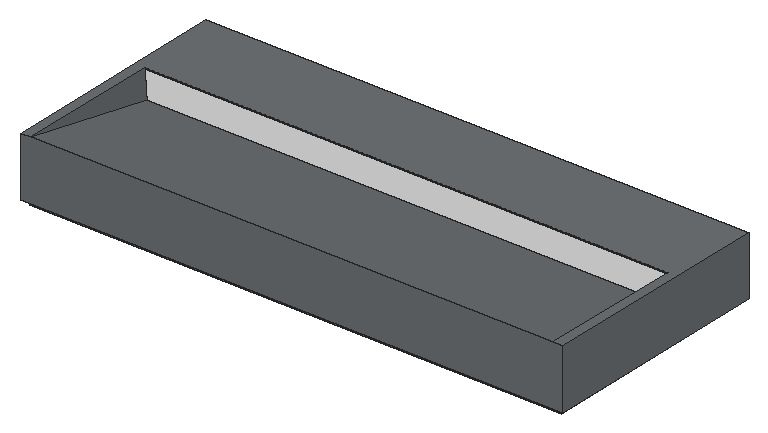
Revit family "Thorn AXYL STRIDE", category Lighting Fixtures, host Face, Revit 2023
Family settings
  Host = Face
  Round Connector Dimension = Use Diameter
  Part Type = Normal
  Cut with Voids When Loaded = Yes
  Light Source = Yes
  Maintain Annotation Orientation = No
  Shared = No
  Room Calculation Point = Yes
Parameters (values of type "AXYL STRIDE L SE 28L 927 A/S HF ANT")
  Wattage = 13.1 W
  built-in parameter 1150110 = 1 (stored number, unit not read)
  URL = "https://www.thornlighting.com/96700536"
  Type Image = TLG_AXYL_F_STRIDE_LARGE_ANT.jpg
  Type IFC Predefined Type = "DIRECTIONSOURCE"
  built-in parameter 1114217 = 1 (stored number, unit not read)
  Tilt Angle = -90.00°  # constant formula
  built-in parameter 1150109 = 1 (stored number, unit not read)
  built-in parameter 1150134 = 12
  built-in parameter 1150113 = 1 (stored number, unit not read)
  Housing Medium = no
  Housing Large = yes
  Power Factor = 0.8
  Photometric Web File = "96700536_(STD).IES"
  Model = "96700536"
  Material Housing = Thorn-Aluminium-RAL 7016-Anthracite Grey
  Manufacturer = "Thorn Lighting"  # constant formula
  built-in parameter 1150105 = 79.577 (stored number, unit not read)
  Lumens = 399 lm
  Luminaire Width = if(Housing Medium, 200 mm, if(Housing Large, 270 mm, 200 mm))  # 270 mm
  Luminaire Length = if(Housing Medium, 200 mm, if(Housing Large, 115 mm, 200 mm))  # 115 mm
  Luminaire Height = if(Housing Medium, 30 mm, if(Housing Large, 32 mm, 30 mm))  # 32 mm
  built-in parameter 1150115 = 1 (stored number, unit not read)
  built-in parameter 1150137 = (empty or 0)
  built-in parameter 1150139 = (empty or 0)
  built-in parameter 1150112 = 1 (stored number, unit not read)
  built-in parameter 1150114 = 1 (stored number, unit not read)
  Lamp = "LED"  # constant formula
  built-in parameter 1150132 = 2
  built-in parameter 1150102 = (empty or 0)
  built-in parameter 1150107 = 2700 (stored number, unit not read)
  built-in parameter 1150138 = (empty or 0)
  built-in parameter 1150106 = 0.79577 (stored number, unit not read)
  Export Type to IFC As = "IfcLightFixtureType"
  Emit from Rectangle Width = Luminaire Width - 10 mm  # 260 mm
  Emit from Rectangle Length = 20 mm  # constant formula
  Emit Shape Visible in Rendering = 0 > 1  # no
  built-in parameter 1150104 = 2.7871 (stored number, unit not read)
  Dimming Lamp Color Temperature Shift = (empty or 0)
  Description = "Wall Mounted Architecural LED Luminaire"  # constant formula
  Default Elevation = 1000 mm  # constant formula
  Color Filter = 16777215
  built-in parameter 1114218 = 1 (stored number, unit not read)
  built-in parameter 1150133 = 10 (stored number, unit not read)
  Assembly Code = "PR_70_70_48_85"
  Apparent Load = Wattage / Power Factor  # 16.375 VA
Types (48, lengths in mm): name | Wattage | URL | Type Image | Housing Medium | Housing Large | Power Factor | Photometric Web File | Model | Material Housing | Lumens | Luminaire Width | Luminaire Length | Luminaire Height | built-in parameter 1150107 | Emit from Rectangle Width | built-in parameter 1150104 | Apparent Load
  AXYL STRIDE L SE 28L 927 A/S HF ANT | 13.1 W | "https://www.thornlighting.com/96700536" | TLG_AXYL_F_STRIDE_LARGE_ANT.jpg | no | yes | 0.8 | "96700536_(STD).IES" | "96700536" | Thorn-Aluminium-RAL 7016-Anthracite Grey | 399 lm | 270 | 115 | 32 | 2700 (stored number, unit not read) | 260 | 2.7871 (stored number, unit not read) | 16.375 VA
  AXYL STRIDE L SE 28L 927 A/S HF BK | 13.1 W | "https://www.thornlighting.com/96700534" | TLG_AXYL_F_STRIDE_LARGE_BK.jpg | no | yes | 0.8 | "96700534_(STD).IES" | "96700534" | Thorn-Aluminium-RAL 9005-Jet Black | 399 lm | 270 | 115 | 32 | 2700 (stored number, unit not read) | 260 | 2.7871 (stored number, unit not read) | 16.375 VA
  AXYL STRIDE L SE 28L 927 A/S HF GY | 13.1 W | "https://www.thornlighting.com/96700535" | TLG_AXYL_F_STRIDE_LARGE_GY.jpg | no | yes | 0.8 | "96700535_(STD).IES" | "96700535" | Thorn-Aluminium-RAL 9006-White Aluminium | 399 lm | 270 | 115 | 32 | 2700 (stored number, unit not read) | 260 | 2.7871 (stored number, unit not read) | 16.375 VA
  AXYL STRIDE L SE 28L 927 A/S HF WH | 13.1 W | "https://www.thornlighting.com/96700533" | TLG_AXYL_F_STRIDE_LARGE_WH.jpg | no | yes | 0.8 | "96700533_(STD).IES" | "96700533" | Thorn-Aluminium-RAL 9016-Traffic White | 399 lm | 270 | 115 | 32 | 2700 (stored number, unit not read) | 260 | 2.7871 (stored number, unit not read) | 16.375 VA
  AXYL STRIDE L SE 28L 927 A/S RD ANT | 13.1 W | "https://www.thornlighting.com/96701575" | TLG_AXYL_F_STRIDE_LARGE_ANT.jpg | no | yes | 0.8 | "96701575_(STD).IES" | "96701575" | Thorn-Aluminium-RAL 7016-Anthracite Grey | 399 lm | 270 | 115 | 32 | 2700 (stored number, unit not read) | 260 | 2.7871 (stored number, unit not read) | 16.375 VA
  AXYL STRIDE L SE 28L 927 A/S RD BK | 13.1 W | "https://www.thornlighting.com/96701573" | TLG_AXYL_F_STRIDE_LARGE_BK.jpg | no | yes | 0.8 | "96701573_(STD).IES" | "96701573" | Thorn-Aluminium-RAL 9005-Jet Black | 399 lm | 270 | 115 | 32 | 2700 (stored number, unit not read) | 260 | 2.7871 (stored number, unit not read) | 16.375 VA
  AXYL STRIDE L SE 28L 927 A/S RD GY | 13.1 W | "https://www.thornlighting.com/96701574" | TLG_AXYL_F_STRIDE_LARGE_GY.jpg | no | yes | 0.8 | "96701574_(STD).IES" | "96701574" | Thorn-Aluminium-RAL 9006-White Aluminium | 399 lm | 270 | 115 | 32 | 2700 (stored number, unit not read) | 260 | 2.7871 (stored number, unit not read) | 16.375 VA
  AXYL STRIDE L SE 28L 927 A/S RD WH | 13.1 W | "https://www.thornlighting.com/96701572" | TLG_AXYL_F_STRIDE_LARGE_WH.jpg | no | yes | 0.8 | "96701572_(STD).IES" | "96701572" | Thorn-Aluminium-RAL 9016-Traffic White | 399 lm | 270 | 115 | 32 | 2700 (stored number, unit not read) | 260 | 2.7871 (stored number, unit not read) | 16.375 VA
  AXYL STRIDE L SE 28L 930 A/S HF ANT | 13.1 W | "https://www.thornlighting.com/96700544" | TLG_AXYL_F_STRIDE_LARGE_ANT.jpg | no | yes | 0.8 | "96700544_(STD).IES" | "96700544" | Thorn-Aluminium-RAL 7016-Anthracite Grey | 421 lm | 270 | 115 | 32 | 3000 (stored number, unit not read) | 260 | 2.9729 (stored number, unit not read) | 16.375 VA
  AXYL STRIDE L SE 28L 930 A/S HF BK | 13.1 W | "https://www.thornlighting.com/96700542" | TLG_AXYL_F_STRIDE_LARGE_BK.jpg | no | yes | 0.8 | "96700542_(STD).IES" | "96700542" | Thorn-Aluminium-RAL 9005-Jet Black | 421 lm | 270 | 115 | 32 | 3000 (stored number, unit not read) | 260 | 2.9729 (stored number, unit not read) | 16.375 VA
  AXYL STRIDE L SE 28L 930 A/S HF GY | 13.1 W | "https://www.thornlighting.com/96700543" | TLG_AXYL_F_STRIDE_LARGE_GY.jpg | no | yes | 0.8 | "96700543_(STD).IES" | "96700543" | Thorn-Aluminium-RAL 9006-White Aluminium | 421 lm | 270 | 115 | 32 | 3000 (stored number, unit not read) | 260 | 2.9729 (stored number, unit not read) | 16.375 VA
  AXYL STRIDE L SE 28L 930 A/S HF WH | 13.1 W | "https://www.thornlighting.com/96700541" | TLG_AXYL_F_STRIDE_LARGE_WH.jpg | no | yes | 0.8 | "96700541_(STD).IES" | "96700541" | Thorn-Aluminium-RAL 9016-Traffic White | 421 lm | 270 | 115 | 32 | 3000 (stored number, unit not read) | 260 | 2.9729 (stored number, unit not read) | 16.375 VA
  AXYL STRIDE L SE 28L 930 A/S RD ANT | 13.1 W | "https://www.thornlighting.com/96701583" | TLG_AXYL_F_STRIDE_LARGE_ANT.jpg | no | yes | 0.8 | "96701583_(STD).IES" | "96701583" | Thorn-Aluminium-RAL 7016-Anthracite Grey | 421 lm | 270 | 115 | 32 | 3000 (stored number, unit not read) | 260 | 2.9729 (stored number, unit not read) | 16.375 VA
  AXYL STRIDE L SE 28L 930 A/S RD BK | 13.1 W | "https://www.thornlighting.com/96701581" | TLG_AXYL_F_STRIDE_LARGE_BK.jpg | no | yes | 0.8 | "96701581_(STD).IES" | "96701581" | Thorn-Aluminium-RAL 9005-Jet Black | 421 lm | 270 | 115 | 32 | 3000 (stored number, unit not read) | 260 | 2.9729 (stored number, unit not read) | 16.375 VA
  AXYL STRIDE L SE 28L 930 A/S RD GY | 13.1 W | "https://www.thornlighting.com/96701582" | TLG_AXYL_F_STRIDE_LARGE_GY.jpg | no | yes | 0.8 | "96701582_(STD).IES" | "96701582" | Thorn-Aluminium-RAL 9006-White Aluminium | 421 lm | 270 | 115 | 32 | 3000 (stored number, unit not read) | 260 | 2.9729 (stored number, unit not read) | 16.375 VA
  AXYL STRIDE L SE 28L 930 A/S RD WH | 13.1 W | "https://www.thornlighting.com/96701580" | TLG_AXYL_F_STRIDE_LARGE_WH.jpg | no | yes | 0.8 | "96701580_(STD).IES" | "96701580" | Thorn-Aluminium-RAL 9016-Traffic White | 421 lm | 270 | 115 | 32 | 3000 (stored number, unit not read) | 260 | 2.9729 (stored number, unit not read) | 16.375 VA
  AXYL STRIDE L SE 28L 940 A/S HF ANT | 13.1 W | "https://www.thornlighting.com/96700540" | TLG_AXYL_F_STRIDE_LARGE_ANT.jpg | no | yes | 0.8 | "96700540_(STD).IES" | "96700540" | Thorn-Aluminium-RAL 7016-Anthracite Grey | 423 lm | 270 | 115 | 32 | 4000 (stored number, unit not read) | 260 | 2.9729 (stored number, unit not read) | 16.375 VA
  AXYL STRIDE L SE 28L 940 A/S HF BK | 13.1 W | "https://www.thornlighting.com/96700538" | TLG_AXYL_F_STRIDE_LARGE_BK.jpg | no | yes | 0.8 | "96700538_(STD).IES" | "96700538" | Thorn-Aluminium-RAL 9005-Jet Black | 423 lm | 270 | 115 | 32 | 4000 (stored number, unit not read) | 260 | 2.9729 (stored number, unit not read) | 16.375 VA
  AXYL STRIDE L SE 28L 940 A/S HF GY | 13.1 W | "https://www.thornlighting.com/96700539" | TLG_AXYL_F_STRIDE_LARGE_GY.jpg | no | yes | 0.8 | "96700539_(STD).IES" | "96700539" | Thorn-Aluminium-RAL 9006-White Aluminium | 423 lm | 270 | 115 | 32 | 4000 (stored number, unit not read) | 260 | 2.9729 (stored number, unit not read) | 16.375 VA
  AXYL STRIDE L SE 28L 940 A/S HF WH | 13.1 W | "https://www.thornlighting.com/96700537" | TLG_AXYL_F_STRIDE_LARGE_WH.jpg | no | yes | 0.8 | "96700537_(STD).IES" | "96700537" | Thorn-Aluminium-RAL 9016-Traffic White | 423 lm | 270 | 115 | 32 | 4000 (stored number, unit not read) | 260 | 2.9729 (stored number, unit not read) | 16.375 VA
  AXYL STRIDE L SE 28L 940 A/S RD ANT | 13.1 W | "https://www.thornlighting.com/96701579" | TLG_AXYL_F_STRIDE_LARGE_ANT.jpg | no | yes | 0.8 | "96701579_(STD).IES" | "96701579" | Thorn-Aluminium-RAL 7016-Anthracite Grey | 423 lm | 270 | 115 | 32 | 4000 (stored number, unit not read) | 260 | 2.9729 (stored number, unit not read) | 16.375 VA
  AXYL STRIDE L SE 28L 940 A/S RD BK | 13.1 W | "https://www.thornlighting.com/96701577" | TLG_AXYL_F_STRIDE_LARGE_BK.jpg | no | yes | 0.8 | "96701577_(STD).IES" | "96701577" | Thorn-Aluminium-RAL 9005-Jet Black | 423 lm | 270 | 115 | 32 | 4000 (stored number, unit not read) | 260 | 2.9729 (stored number, unit not read) | 16.375 VA
  AXYL STRIDE L SE 28L 940 A/S RD GY | 13.1 W | "https://www.thornlighting.com/96701578" | TLG_AXYL_F_STRIDE_LARGE_GY.jpg | no | yes | 0.8 | "96701578_(STD).IES" | "96701578" | Thorn-Aluminium-RAL 9006-White Aluminium | 423 lm | 270 | 115 | 32 | 4000 (stored number, unit not read) | 260 | 2.9729 (stored number, unit not read) | 16.375 VA
  AXYL STRIDE L SE 28L 940 A/S RD WH | 13.1 W | "https://www.thornlighting.com/96701576" | TLG_AXYL_F_STRIDE_LARGE_WH.jpg | no | yes | 0.8 | "96701576_(STD).IES" | "96701576" | Thorn-Aluminium-RAL 9016-Traffic White | 423 lm | 270 | 115 | 32 | 4000 (stored number, unit not read) | 260 | 2.9729 (stored number, unit not read) | 16.375 VA
  AXYL STRIDE M SE 28L 927 A/S HF ANT | 10.1 W | "https://www.thornlighting.com/96700549" | TLG_AXYL_F_STRIDE_MED_ANT.jpg | yes | no | 0.84 | "96700549_(STD).IES" | "96700549" | Thorn-Aluminium-RAL 7016-Anthracite Grey | 362 lm | 200 | 200 | 30 | 2700 (stored number, unit not read) | 190 | 3.3445 (stored number, unit not read) | 12.0238 VA
  AXYL STRIDE M SE 28L 927 A/S HF BK | 10.1 W | "https://www.thornlighting.com/96700547" | TLG_AXYL_F_STRIDE_MED_BK.jpg | yes | no | 0.84 | "96700547_(STD).IES" | "96700547" | Thorn-Aluminium-RAL 9005-Jet Black | 362 lm | 200 | 200 | 30 | 2700 (stored number, unit not read) | 190 | 3.3445 (stored number, unit not read) | 12.0238 VA
  AXYL STRIDE M SE 28L 927 A/S HF GY | 10.1 W | "https://www.thornlighting.com/96700548" | TLG_AXYL_F_STRIDE_MED_GY.jpg | yes | no | 0.84 | "96700548_(STD).IES" | "96700548" | Thorn-Aluminium-RAL 9006-White Aluminium | 362 lm | 200 | 200 | 30 | 2700 (stored number, unit not read) | 190 | 3.3445 (stored number, unit not read) | 12.0238 VA
  AXYL STRIDE M SE 28L 927 A/S HF WH | 10.1 W | "https://www.thornlighting.com/96700546" | TLG_AXYL_F_STRIDE_MED_WH.jpg | yes | no | 0.84 | "96700546_(STD).IES" | "96700546" | Thorn-Aluminium-RAL 9016-Traffic White | 362 lm | 200 | 200 | 30 | 2700 (stored number, unit not read) | 190 | 3.3445 (stored number, unit not read) | 12.0238 VA
  AXYL STRIDE M SE 28L 927 A/S RD ANT | 10.1 W | "https://www.thornlighting.com/96701587" | TLG_AXYL_F_STRIDE_MED_ANT.jpg | yes | no | 0.84 | "96701587_(STD).IES" | "96701587" | Thorn-Aluminium-RAL 7016-Anthracite Grey | 362 lm | 200 | 200 | 30 | 2700 (stored number, unit not read) | 190 | 3.3445 (stored number, unit not read) | 12.0238 VA
  AXYL STRIDE M SE 28L 927 A/S RD BK | 10.1 W | "https://www.thornlighting.com/96701585" | TLG_AXYL_F_STRIDE_MED_BK.jpg | yes | no | 0.84 | "96701585_(STD).IES" | "96701585" | Thorn-Aluminium-RAL 9005-Jet Black | 362 lm | 200 | 200 | 30 | 2700 (stored number, unit not read) | 190 | 3.3445 (stored number, unit not read) | 12.0238 VA
  AXYL STRIDE M SE 28L 927 A/S RD GY | 10.1 W | "https://www.thornlighting.com/96701586" | TLG_AXYL_F_STRIDE_MED_GY.jpg | yes | no | 0.84 | "96701586_(STD).IES" | "96701586" | Thorn-Aluminium-RAL 9006-White Aluminium | 362 lm | 200 | 200 | 30 | 2700 (stored number, unit not read) | 190 | 3.3445 (stored number, unit not read) | 12.0238 VA
  AXYL STRIDE M SE 28L 927 A/S RD WH | 10.1 W | "https://www.thornlighting.com/96701584" | TLG_AXYL_F_STRIDE_MED_WH.jpg | yes | no | 0.84 | "96701584_(STD).IES" | "96701584" | Thorn-Aluminium-RAL 9016-Traffic White | 362 lm | 200 | 200 | 30 | 2700 (stored number, unit not read) | 190 | 3.3445 (stored number, unit not read) | 12.0238 VA
  AXYL STRIDE M SE 28L 930 A/S HF ANT | 10.1 W | "https://www.thornlighting.com/96700557" | TLG_AXYL_F_STRIDE_MED_ANT.jpg | yes | no | 0.84 | "96700557_(STD).IES" | "96700557" | Thorn-Aluminium-RAL 7016-Anthracite Grey | 382 lm | 200 | 200 | 30 | 3000 (stored number, unit not read) | 190 | 3.5303 (stored number, unit not read) | 12.0238 VA
  AXYL STRIDE M SE 28L 930 A/S HF BK | 10.1 W | "https://www.thornlighting.com/96700555" | TLG_AXYL_F_STRIDE_MED_BK.jpg | yes | no | 0.84 | "96700555_(STD).IES" | "96700555" | Thorn-Aluminium-RAL 9005-Jet Black | 382 lm | 200 | 200 | 30 | 3000 (stored number, unit not read) | 190 | 3.5303 (stored number, unit not read) | 12.0238 VA
  AXYL STRIDE M SE 28L 930 A/S HF GY | 10.1 W | "https://www.thornlighting.com/96700556" | TLG_AXYL_F_STRIDE_MED_GY.jpg | yes | no | 0.84 | "96700556_(STD).IES" | "96700556" | Thorn-Aluminium-RAL 9006-White Aluminium | 382 lm | 200 | 200 | 30 | 3000 (stored number, unit not read) | 190 | 3.5303 (stored number, unit not read) | 12.0238 VA
  AXYL STRIDE M SE 28L 930 A/S HF WH | 10.1 W | "https://www.thornlighting.com/96700554" | TLG_AXYL_F_STRIDE_MED_WH.jpg | yes | no | 0.84 | "96700554_(STD).IES" | "96700554" | Thorn-Aluminium-RAL 9016-Traffic White | 382 lm | 200 | 200 | 30 | 3000 (stored number, unit not read) | 190 | 3.5303 (stored number, unit not read) | 12.0238 VA
  AXYL STRIDE M SE 28L 930 A/S RD ANT | 10.1 W | "https://www.thornlighting.com/96701595" | TLG_AXYL_F_STRIDE_MED_ANT.jpg | yes | no | 0.84 | "96701595_(STD).IES" | "96701595" | Thorn-Aluminium-RAL 7016-Anthracite Grey | 382 lm | 200 | 200 | 30 | 3000 (stored number, unit not read) | 190 | 3.5303 (stored number, unit not read) | 12.0238 VA
  AXYL STRIDE M SE 28L 930 A/S RD BK | 10.1 W | "https://www.thornlighting.com/96701593" | TLG_AXYL_F_STRIDE_MED_BK.jpg | yes | no | 0.84 | "96701593_(STD).IES" | "96701593" | Thorn-Aluminium-RAL 9005-Jet Black | 382 lm | 200 | 200 | 30 | 3000 (stored number, unit not read) | 190 | 3.5303 (stored number, unit not read) | 12.0238 VA
  AXYL STRIDE M SE 28L 930 A/S RD GY | 10.1 W | "https://www.thornlighting.com/96701594" | TLG_AXYL_F_STRIDE_MED_GY.jpg | yes | no | 0.84 | "96701594_(STD).IES" | "96701594" | Thorn-Aluminium-RAL 9006-White Aluminium | 382 lm | 200 | 200 | 30 | 3000 (stored number, unit not read) | 190 | 3.5303 (stored number, unit not read) | 12.0238 VA
  AXYL STRIDE M SE 28L 930 A/S RD WH | 10.1 W | "https://www.thornlighting.com/96701592" | TLG_AXYL_F_STRIDE_MED_WH.jpg | yes | no | 0.84 | "96701592_(STD).IES" | "96701592" | Thorn-Aluminium-RAL 9016-Traffic White | 382 lm | 200 | 200 | 30 | 3000 (stored number, unit not read) | 190 | 3.5303 (stored number, unit not read) | 12.0238 VA
  AXYL STRIDE M SE 28L 940 A/S HF ANT | 10.1 W | "https://www.thornlighting.com/96700553" | TLG_AXYL_F_STRIDE_MED_ANT.jpg | yes | no | 0.84 | "96700553_(STD).IES" | "96700553" | Thorn-Aluminium-RAL 7016-Anthracite Grey | 401 lm | 200 | 200 | 30 | 4000 (stored number, unit not read) | 190 | 3.7161 (stored number, unit not read) | 12.0238 VA
  AXYL STRIDE M SE 28L 940 A/S HF BK | 10.1 W | "https://www.thornlighting.com/96700551" | TLG_AXYL_F_STRIDE_MED_BK.jpg | yes | no | 0.84 | "96700551_(STD).IES" | "96700551" | Thorn-Aluminium-RAL 9005-Jet Black | 401 lm | 200 | 200 | 30 | 4000 (stored number, unit not read) | 190 | 3.7161 (stored number, unit not read) | 12.0238 VA
  AXYL STRIDE M SE 28L 940 A/S HF GY | 10.1 W | "https://www.thornlighting.com/96700552" | TLG_AXYL_F_STRIDE_MED_GY.jpg | yes | no | 0.84 | "96700552_(STD).IES" | "96700552" | Thorn-Aluminium-RAL 9006-White Aluminium | 401 lm | 200 | 200 | 30 | 4000 (stored number, unit not read) | 190 | 3.7161 (stored number, unit not read) | 12.0238 VA
  AXYL STRIDE M SE 28L 940 A/S HF WH | 10.1 W | "https://www.thornlighting.com/96700550" | TLG_AXYL_F_STRIDE_MED_WH.jpg | yes | no | 0.84 | "96700550_(STD).IES" | "96700550" | Thorn-Aluminium-RAL 9016-Traffic White | 401 lm | 200 | 200 | 30 | 4000 (stored number, unit not read) | 190 | 3.7161 (stored number, unit not read) | 12.0238 VA
  AXYL STRIDE M SE 28L 940 A/S RD ANT | 10.1 W | "https://www.thornlighting.com/96701591" | TLG_AXYL_F_STRIDE_MED_ANT.jpg | yes | no | 0.84 | "96701591_(STD).IES" | "96701591" | Thorn-Aluminium-RAL 7016-Anthracite Grey | 401 lm | 200 | 200 | 30 | 4000 (stored number, unit not read) | 190 | 3.7161 (stored number, unit not read) | 12.0238 VA
  AXYL STRIDE M SE 28L 940 A/S RD BK | 10.1 W | "https://www.thornlighting.com/96701589" | TLG_AXYL_F_STRIDE_MED_BK.jpg | yes | no | 0.84 | "96701589_(STD).IES" | "96701589" | Thorn-Aluminium-RAL 9005-Jet Black | 401 lm | 200 | 200 | 30 | 4000 (stored number, unit not read) | 190 | 3.7161 (stored number, unit not read) | 12.0238 VA
  AXYL STRIDE M SE 28L 940 A/S RD GY | 10.1 W | "https://www.thornlighting.com/96701590" | TLG_AXYL_F_STRIDE_MED_GY.jpg | yes | no | 0.84 | "96701590_(STD).IES" | "96701590" | Thorn-Aluminium-RAL 9006-White Aluminium | 401 lm | 200 | 200 | 30 | 4000 (stored number, unit not read) | 190 | 3.7161 (stored number, unit not read) | 12.0238 VA
  AXYL STRIDE M SE 28L 940 A/S RD WH | 10.1 W | "https://www.thornlighting.com/96701588" | TLG_AXYL_F_STRIDE_MED_WH.jpg | yes | no | 0.84 | "96701588_(STD).IES" | "96701588" | Thorn-Aluminium-RAL 9016-Traffic White | 401 lm | 200 | 200 | 30 | 4000 (stored number, unit not read) | 190 | 3.7161 (stored number, unit not read) | 12.0238 VA
Reference planes
  plane 1 "Center (Front/Back)": y = 0
  plane 2: z = 0
  plane 3 "Center (Left/Right)": x = 0
  plane 4: x = -135
  plane 5: x = 135
  plane 6: y = 57.5
  plane 7: y = -57.5
  plane 8: z = 32
Forms (mm)
  Extrusion 1, solid, material "Thorn-Aluminium-RAL 7016-Anthracite Grey" <- "Material Housing"
    sketch origin (0, 0, 0) x (1, 0, 0) y (0, 1, 0)
      loop
        line (-135, 57.5) -> (-135, -57.5) -> (135, -57.5) -> (135, 57.5) -> (-135, 57.5)
    from 0 to 32
  Extrusion 2, void
    sketch origin (0, 0, 0) x (0, 1, 0) y (0, 0, 1)
      loop
        line (14.729, 17.093) -> (14.729, 31.2) -> (13.479, 31.2) -> (13.409, 32) -> (-57.5, 32) -> (14.729, 17.093)
    from -130 to 130
  Extrusion 3, solid, material "Thorn-Plastic-Self Illuminated 4000K"
    sketch origin (0, 0, 0) x (0, 1, 0) y (0, 0, 1)
      loop
        line (14.729, 17.093) -> (14.729, 31.2) -> (13.495, 31.2) -> (14.729, 17.093)
    from -130 to 130
  Extrusion 4, void
    sketch origin (0, 0, 0) x (1, 0, 0) y (0, 1, 0)
      loop
        line (-135, 57.5) -> (-135, -57.5) -> (135, -57.5) -> (135, 57.5) -> (-135, 57.5)
      loop
        line (-132.5, 55) -> (-132.5, -55) -> (132.5, -55) -> (132.5, 55) -> (-132.5, 55)
    from 0 to 2.5
Cuts and joins
  Extrusion 2, Extrusion 4 cuts Extrusion 1
Lines and regions (mm)
  Filled region 1, type "White"
    outline origin (0, 0, 0) x (1, 0, 0) y (0, 1, 0)
      loop
        line (-135, 57.5) -> (-135, -57.5) -> (135, -57.5) -> (135, 57.5) -> (-135, 57.5)
  symbolic lines
    curve 1: line (-130, 14.729, 0) -> (130, 14.729, 0)
    curve 2: line (-130, -55, 0) -> (-130, 14.729, 0)
    curve 3: line (130, -55, 0) -> (-130, -55, 0)
    curve 4: line (130, 14.729, 0) -> (130, -55, 0)
  model lines, style "InvisibleLines"
    curve 5: line (0, 0, 0) -> (0, 0, 500)
    curve 6: line (0, 0, 500) -> (34.202, 0, 406.031)
    curve 7: line (0, 0, 500) -> (-34.202, 0, 406.031)
    curve 8: line (-250, 0, 0) -> (250, 0, 0)
Dimensions and locks
  equal spacing: plane 4, plane 3 "Center (Left/Right)", plane 5
  "Luminaire Width": plane 4 to plane 5
  equal spacing: plane 7, plane 1 "Center (Front/Back)", plane 6
  "Luminaire Length": plane 7 to plane 6
  "Luminaire Height": plane 8 to level
  locked: plane 4 to cut or joined group of Extrusion 1, Extrusion 2, Extrusion 4 at 5  (x2)
  locked: cut or joined group of Extrusion 1, Extrusion 2, Extrusion 4 to plane 5 at 5  (x2)
  locked: Extrusion 3 to plane 5 at 5
  locked: plane 4 to Extrusion 3 at 5
  Extrusion 4 to plane 2 = 2.5 mm
  locked: cut or joined group of Extrusion 1, Extrusion 2, Extrusion 4 to Extrusion 4 sketch curve at 2.5
  locked: plane 6 to Extrusion 4 sketch curve at 2.5
  locked: Extrusion 4 sketch curve to plane 5 at 2.5
  locked: plane 7 to Extrusion 4 sketch curve at 2.5
  locked: plane 6 to Extrusion 3 at 42.771
  locked: plane 7 to curve 3 at 2.5
  aligned and locked: plane 2 to host face
  aligned and locked: level to host face
  aligned and locked: plane 8 to Extrusion 1
  aligned and locked: Extrusion 4 sketch curve to plane 4
  aligned and locked: Extrusion 4 sketch curve to plane 5
  aligned and locked: plane 7 to Extrusion 4 sketch curve
  aligned and locked: plane 6 to Extrusion 4 sketch curve
  aligned and locked: Filled region 1 sketch curve to cut or joined group of Extrusion 1, Extrusion 2, Extrusion 4  (x4)
Automatic sketch dimensions
  host sketch curve to host sketch curve = 2438.4 mm  (x2)
  Extrusion 1 sketch curve to plane 4 = 0 mm
  Extrusion 1 sketch curve to plane 5 = 0 mm
  plane 7 to Extrusion 1 sketch curve = 0 mm
  Extrusion 1 sketch curve to plane 6 = 0 mm
  Extrusion 2 sketch curve to plane 7 = 0 mm
  Extrusion 2 sketch curve to plane 8 = 0 mm
  Extrusion 2 sketch curve to plane 1 "Center (Front/Back)" = 13.409 mm
  Extrusion 2 sketch curve to Extrusion 2 sketch curve = 0.07 mm
  Extrusion 2 sketch curve to Extrusion 2 sketch curve = 1.251 mm
  Extrusion 2 sketch curve to plane 8 = 0.8 mm
  Extrusion 2 sketch curve to Extrusion 2 sketch curve = 14.107 mm
  Extrusion 3 sketch curve to plane 8 = 0.8 mm
  Extrusion 3 sketch curve to plane 1 "Center (Front/Back)" = 13.495 mm
  Extrusion 3 sketch curve to Extrusion 3 sketch curve = 1.234 mm
  Extrusion 3 sketch curve to Extrusion 3 sketch curve = 14.107 mm
  plane 4 to curve 3 = 5 mm
  plane 5 to curve 3 = 5 mm
  curve 2 to plane 1 "Center (Front/Back)" = 14.729 mm
  curve 8 to level = 0 mm
  curve 6 to plane 3 "Center (Left/Right)" = 0 mm
  plane 8 to curve 7 = 468 mm
  curve 7 to plane 3 "Center (Left/Right)" = 34.202 mm
  curve 8 to plane 4 = 115 mm
  plane 3 "Center (Left/Right)" to curve 6 = 34.202 mm
  curve 8 to plane 5 = 115 mm
  curve 7 to curve 7 = 93.969 mm
  curve 6 to curve 7 = 0 mm
Connectors
  electrical at (0, 0, 0), driven by "Apparent Load", driven by "Power Factor"
    settings: index 1, voltage 230 V, apparent load 16.375 VA, apparent load phase1 0 VA, apparent load phase2 0 VA, apparent load phase3 0 VA, power factor 0.8, load classification "Lighting", number of poles 1, system type 30, power factor state 1, is connector primary yes, connector utility no, sub classification motor no, connector description ""
